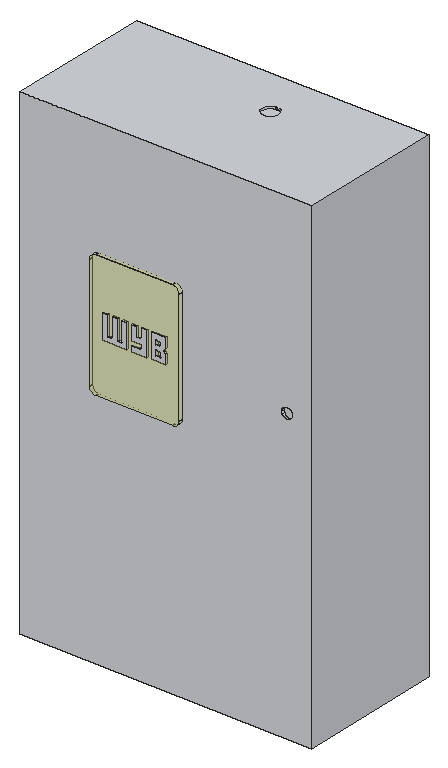
Revit family "ШУВ-М-DF_FC102", category Оборудование, Revit 2020
Family settings
  Размер круглого соединителя = Использовать диаметр
  Классификация = Нет
  Тип детали = Нормальный
  На основе рабочей плоскости = Нет
  Всегда вертикально = Да
  При загрузке вырезать с полостями = Нет
  Общий = Нет
  Точка расчета площади = Нет
Parameters (values of type "ШУВ-М_АВВ_7,5-30кВт")
  расст замок верт = 400 mm
  Ширина [instance] = 600 mm
  Расст вывода3 от левой стенки = 270 mm
  Расст замок = 550 mm
  Расст вывода2 от левой стенки = 210 mm
  Расст вывода от левой стенки = 150 mm
  Расст вывода от задней стенки = 100 mm
  Расст ПУШ от верхней стенки = 240 mm
  Расст ввод от задней стенки = 100 mm
  Расст ввод от левой стенки = 355 mm
  Расст ПУШ от левой стенки = 150 mm
  Отметка по умолчанию = 0 mm
  Описание = "ШУВ-С300 предназначен для управления одно/трехфазным электродвигателем приточного или вытяжного вентилятора системы противопожарной вентиляции от 0,37 до 200 кВт. Управление осуществляется посредством интегрированного модуля контроля и управления МС322-24, что позволяет использовать шкаф в составе Системы пожарной автоматики и сигнализации «СПРУТ-2», в частности – в составе адресно-аналоговой сигнализации «С300»."
  Назв гориз ПУШ = 120 mm
  Комментарии к типоразмеру = "Ш5/ABB"
  Изготовитель = "ООО \"Плазма-Т\""
  Группа модели = "ШУВ-DF_FC102-С300"
  Глубина [instance] = 300 mm
  Высота [instance] = 1000 mm
  URL = "https://plazma-t.ru/"
Types (3, lengths in mm): name | расст замок верт | Ширина | Расст вывода3 от левой стенки | Расст замок | Расст вывода2 от левой стенки | Расст вывода от левой стенки | Расст вывода от задней стенки | Расст ПУШ от верхней стенки | Расст ввод от задней стенки | Расст ввод от левой стенки | Расст ПУШ от левой стенки | Комментарии к типоразмеру | Глубина | Высота
  ШУВ-М_АВВ_0,37-5,5кВт | 350 | 500 | 380 | 450 | 320 | 260 | 125 | 130 | 100 | 315 | 140 | "Ш3/ABB" | 250 | 700
  ШУВ-М_АВВ_7,5-30кВт | 400 | 600 | 270 | 550 | 210 | 150 | 100 | 240 | 100 | 355 | 150 | "Ш5/ABB" | 300 | 1000
  ШУВ-М_АВВ_37-55кВт | 900 | 800 | 700 | 750 | 600 | 500 | 200 | 300 | 200 | 400 | 200 | "Ш8/ABB" | 400 | 1800
Reference planes
  plane 1 "По центру (Вперед/Назад)": y = 0
  plane 2: z = 0
  plane 3 "По центру (Влево/Вправо)": x = 0
  plane 4: y = -9
Forms (mm)
  Extrusion 1, solid
    sketch origin (0, 0, 0) x (1, 0, 0) y (0, 1, 0)
      loop
        line (0, 0) -> (600, 0) -> (600, 300) -> (0, 300) -> (0, 0)
    from 0 to 1000
  Extrusion 2, solid, material "Источник света по умолчанию"
    sketch origin (0, 0, 0) x (1, 0, 0) y (0, 0, 1)
      loop
        arc (163, 760) -> (153.808, 756.192) -> (150, 747) r 13
        line (150, 747) -> (150, 513)
        arc (150, 513) -> (153.808, 503.808) -> (163, 500) r 13
        line (163, 500) -> (321.542, 500)
        arc (321.542, 500) -> (330.734, 503.808) -> (334.542, 513) r 13
        line (334.542, 513) -> (334.542, 747)
        arc (334.542, 747) -> (330.734, 756.192) -> (321.542, 760) r 13
        line (321.542, 760) -> (163, 760)
    from 0 to 9
  Extrusion 3, void
    sketch origin (0, 0, 0) x (1, 0, 0) y (0, 0, 1)
      loop
        circle (550, 600) r 11.5
    from 10 to -5.347
  Extrusion 4, void
    sketch origin (0, 0, 1000) x (0, 1, 0) y (1, 0, 0)
      loop
        circle (200, 355) r 17
    from 0 to 3
  Extrusion 5, void
    sketch origin (0, 0, 0) x (1, 0, 0) y (0, 1, 0)
      loop
        circle (150, 200) r 17
    from 0 to 3
  Extrusion 6, void
    sketch origin (0, 0, 0) x (1, 0, 0) y (0, 1, 0)
      loop
        circle (210, 200) r 17
    from 0 to 3
  Extrusion 7, void
    sketch origin (0, 0, 0) x (1, 0, 0) y (0, 1, 0)
      loop
        circle (270, 200) r 17
    from 0 to 3
  Extrusion 8, solid
    sketch origin (0, -9, 0) x (1, 0, 0) y (0, 0, 1)
      loop
        line (179.552, 660.181) -> (179.552, 610.181) -> (229.552, 610.181) -> (229.552, 660.181) -> (219.552, 660.181) -> (219.552, 620.181) -> (209.552, 620.181) -> (209.552, 660.181) -> (199.552, 660.181) -> (199.552, 620.181) -> (189.552, 620.181) -> (189.552, 660.181) -> (179.552, 660.181)
      loop
        line (239.552, 660.181) -> (239.552, 630.181) -> (259.552, 630.181) -> (259.552, 620.181) -> (239.552, 620.181) -> (239.552, 610.181) -> (269.552, 610.181) -> (269.552, 660.181) -> (259.552, 660.181) -> (259.552, 640.181) -> (249.552, 640.181) -> (249.552, 660.181) -> (239.552, 660.181)
      loop
        line (279.552, 660.181) -> (279.552, 610.181) -> (309.552, 610.181) -> (309.552, 630.181) -> (304.552, 635.181) -> (309.552, 640.181) -> (309.552, 660.181) -> (279.552, 660.181)
      loop
        line (289.552, 620.181) -> (299.552, 620.181) -> (299.552, 630.181) -> (289.552, 630.181) -> (289.552, 620.181)
      loop
        line (289.552, 650.181) -> (289.552, 640.181) -> (299.552, 640.181) -> (299.552, 650.181) -> (289.552, 650.181)
    from 0 to 3
Cuts and joins
  Extrusion 3, Extrusion 4, Extrusion 5, Extrusion 6, Extrusion 7 cuts Extrusion 1
Dimensions and locks
  "Ширина": Extrusion 1 to Extrusion 1
  "Глубина": Extrusion 1 to Extrusion 1
  "Высота": Extrusion 1 to Extrusion 1
  Extrusion 1 to Extrusion 2 sketch curve = 240 mm
  "Расст ПУШ от верхней стенки": Extrusion 1 to Extrusion 2
  "расст замок верт": Extrusion 1 to Extrusion 3 sketch curve
  "Расст замок": Extrusion 1 to Extrusion 3 sketch curve
  "Расст ввод от левой стенки": Extrusion 4 sketch curve to cut or joined group of Extrusion 1, Extrusion 3, Extrusion 4, Extrusion 5, Extrusion 6, Extrusion 7
  "Расст ввод от задней стенки": cut or joined group of Extrusion 1, Extrusion 3, Extrusion 4, Extrusion 5, Extrusion 6, Extrusion 7 to Extrusion 4 sketch curve
  locked: Extrusion 2 sketch curve to Extrusion 2 sketch curve at 184.542
  locked: Extrusion 2 sketch curve to Extrusion 2 sketch curve at 260
  "Расст ПУШ от левой стенки": cut or joined group of Extrusion 1, Extrusion 3, Extrusion 4, Extrusion 5, Extrusion 6, Extrusion 7 to Extrusion 2 sketch curve
  "Расст вывода от левой стенки": cut or joined group of Extrusion 1, Extrusion 3, Extrusion 4, Extrusion 5, Extrusion 6, Extrusion 7 to Extrusion 5 sketch curve
  "Расст вывода от задней стенки": cut or joined group of Extrusion 1, Extrusion 3, Extrusion 4, Extrusion 5, Extrusion 6, Extrusion 7 to Extrusion 5 sketch curve
  "Расст вывода от задней стенки": cut or joined group of Extrusion 1, Extrusion 3, Extrusion 4, Extrusion 5, Extrusion 6, Extrusion 7 to Extrusion 6 sketch curve
  "Расст вывода2 от левой стенки": cut or joined group of Extrusion 1, Extrusion 3, Extrusion 4, Extrusion 5, Extrusion 6, Extrusion 7 to Extrusion 6 sketch curve
  "Расст вывода от задней стенки": cut or joined group of Extrusion 1, Extrusion 3, Extrusion 4, Extrusion 5, Extrusion 6, Extrusion 7 to Extrusion 7 sketch curve
  "Расст вывода3 от левой стенки": cut or joined group of Extrusion 1, Extrusion 3, Extrusion 4, Extrusion 5, Extrusion 6, Extrusion 7 to Extrusion 7 sketch curve
  cut or joined group of Extrusion 1, Extrusion 3, Extrusion 4, Extrusion 5, Extrusion 6, Extrusion 7 to cut or joined group of Extrusion 1, Extrusion 3, Extrusion 4, Extrusion 5, Extrusion 6, Extrusion 7 = 600 mm
  Extrusion 2 to Extrusion 8 sketch curve = 29.552 mm
  Extrusion 8 sketch curve to Extrusion 8 sketch curve = 90 mm
  Extrusion 8 sketch curve to Extrusion 8 sketch curve = 130 mm
  Extrusion 8 sketch curve to Extrusion 8 sketch curve = 50 mm  (x2)
  Extrusion 8 sketch curve to Extrusion 8 sketch curve = 30 mm  (x2)
  Extrusion 8 sketch curve to Extrusion 2 = 160.181 mm
  diameter of Extrusion 4 sketch curve = 34 mm
  aligned and locked: level to plane 2
  aligned and locked: Extrusion 1 to level
  aligned and locked: Extrusion 1 to plane 3 "По центру (Влево/Вправо)"
  aligned and locked: plane 1 "По центру (Вперед/Назад)" to Extrusion 1
Automatic sketch dimensions
  plane 3 "По центру (Влево/Вправо)" to Extrusion 1 sketch curve = 0 mm
  plane 1 "По центру (Вперед/Назад)" to Extrusion 1 sketch curve = 0 mm
  plane 3 "По центру (Влево/Вправо)" to Extrusion 1 sketch curve = 600 mm
  Extrusion 1 sketch curve to plane 1 "По центру (Вперед/Назад)" = 300 mm
  Extrusion 8 sketch curve to Extrusion 8 sketch curve = 10 mm  (x19)
  Extrusion 8 sketch curve to Extrusion 8 sketch curve = 5 mm  (x5)
  Extrusion 8 sketch curve to Extrusion 8 sketch curve = 0 mm  (x6)
  Extrusion 8 sketch curve to Extrusion 8 sketch curve = 40 mm
  Extrusion 8 sketch curve to Extrusion 8 sketch curve = 20 mm
  Extrusion 2 sketch curve to Extrusion 2 sketch curve = 13 mm  (x4)
  radius of Extrusion 3 sketch curve = 11.5 mm
  radius of Extrusion 5 sketch curve = 17 mm
  radius of Extrusion 6 sketch curve = 17 mm
  radius of Extrusion 7 sketch curve = 17 mm
Connectors
  electrical at (355, 200, 997)
    settings: on cut or joined group of Extrusion 1, Extrusion 3, Extrusion 4, Extrusion 5, Extrusion 6, Extrusion 7, index 1, voltage 0 V, apparent load 0 VA, apparent load phase1 0 VA, apparent load phase2 0 VA, apparent load phase3 0 VA, power factor 1, load classification "Прочее", number of poles 1, system type 30, power factor state 1, is connector primary yes, connector utility no, sub classification motor no, connector description "380V"
  electrical at (150, 200, 3)
    settings: on cut or joined group of Extrusion 1, Extrusion 3, Extrusion 4, Extrusion 5, Extrusion 6, Extrusion 7, index 2, voltage 0 V, apparent load 0 VA, apparent load phase1 0 VA, apparent load phase2 0 VA, apparent load phase3 0 VA, power factor 1, load classification "Прочее", number of poles 1, system type 9, power factor state 1, is connector primary no, connector utility no, sub classification motor no, connector description "вход1"
  electrical at (210, 200, 3)
    settings: on cut or joined group of Extrusion 1, Extrusion 3, Extrusion 4, Extrusion 5, Extrusion 6, Extrusion 7, index 3, voltage 0 V, apparent load 0 VA, apparent load phase1 0 VA, apparent load phase2 0 VA, apparent load phase3 0 VA, power factor 1, load classification "Прочее", number of poles 1, system type 9, power factor state 1, is connector primary no, connector utility no, sub classification motor no, connector description "вход2"
